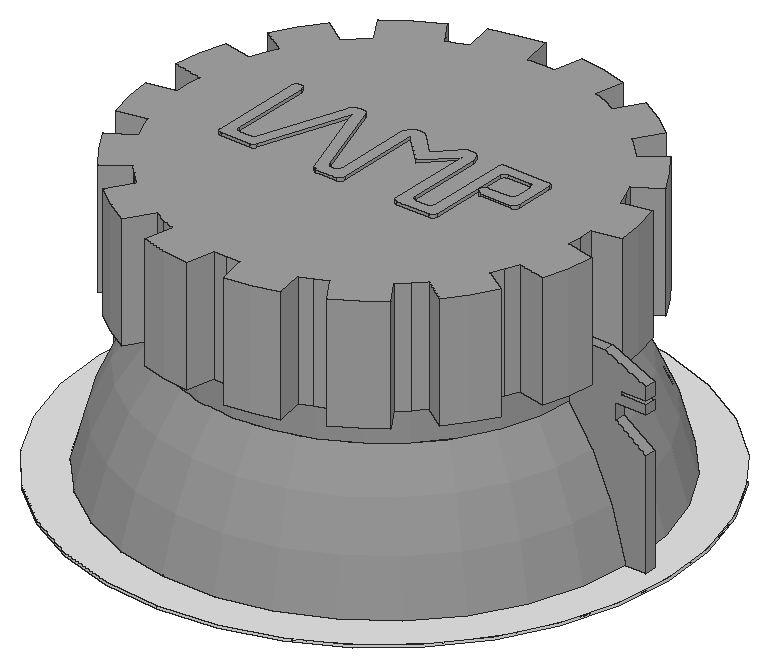
Revit family "LAMP_KOMBIC 200 RD", category Luminarias, Revit 2018
Family settings
  Anfitrión = Techo
  Cota de conector redondo = Diámetro de uso
  Tipo de pieza = Normal
  Número OmniClass = 23.80.70.11
  Título OmniClass = Luminaries for Internal Lighting
  Siempre vertical = Sí
  Corte con vacíos al cargar = No
  Origen de luz = Sí
  Compartido = No
  Punto de cálculo de habitación = No
Parameters (values of type "1982LM 3000 MATT BLANCO")
  Ángulo de inclinación = 90.00°
  Without accessory [instance] = yes
  Weight = 0.976 kg
  Wattage = 18.1 W
  Type = "COB TRIDONIC"
  Transparent glass 860614X [instance] = and(Change accessory, not(Without accessory))  # no
  Recessed diameter = 209 mm
  built-in parameter 1150110 = 1 (stored number, unit not read)
  Protection rating = "IP2044"
  Product datasheet = "http://www.lamp.es/product-files/TECH/K31RD3040OP830NMW-EN.pdf"
  Product code = "K31RD3040OP830NMW"
  Product URL = "https://www.lamp.es/en/family/kombic-downlight_33313"
  Power Supply = "220-240V 50/60Hz"
  Power = 17 W
  Plum = 18.1 W
  Photobiological risk = "Group 0"
  Modelo = Product code  # "K31RD3040OP830NMW"
  Model explanation = "Availability of switching between accessories through visibility parameters when placed in a project."
  Material Reflector = LAMP_PC Reflector Kombic Metalizado Mate
  Material Disipador = LAMP_Aluminio Disipador Kombic
  Material Difusor = LAMP_PMMA Difusor Kombic
  Material Armazón GR = LAMP_PC Armazón Kombic GR
  Material Armazón BL = LAMP_PC Armazón Kombic BL
  Manufacturer name = "LAMP"
  Manufacturer country = "Spain"
  Manufacturer URL = "http://www.lamp.es/en"
  MacAdam = "3"
  Lámpara = "COB LED"
  Luminaire type = ""
  Last update = "22/02/2022"
  LED Lifetime = "50.000 L80 B10"
  Insulation class = "II"
  Installation instructions = "https://www.lamp.es/product-files/packed/INS/33315_Kombic_200.zip"
  IEE = "A+"
  Height = Altura exterior  # 106 mm
  Gear = "Electronic"
  Finish = "RAL9010"
  built-in parameter 1114217 = 1 (stored number, unit not read)
  built-in parameter 1150109 = 1 (stored number, unit not read)
  Fabricante = Manufacturer name  # "LAMP"
  Efficacy = 109.5 lm/W
  Diameter = 220 mm
  Diam. inferior interior = 188 mm
  Diam. exterior cuerpo = 167 mm
  Diam. inferior cuerpo = 220 mm
  Descripción = "KOMBIC 200 RD 3000 IP44 WW OPAL MA/WH"
  Decorative ring 920021X [instance] = and(not(Without accessory), not(Change accessory))  # no
  Comentarios de tipo = Model explanation  # "Availability of switching between accessories through visibility parameters when placed in a project."
  built-in parameter 1150134 = (empty or 0)
  built-in parameter 1150113 = 1 (stored number, unit not read)
  Lumens = 1981.95 lm
  built-in parameter 1150115 = 1 (stored number, unit not read)
  built-in parameter 1150105 = 157.72 (stored number, unit not read)
  built-in parameter 1150137 = (empty or 0)
  built-in parameter 1150139 = (empty or 0)
  built-in parameter 1150112 = 1 (stored number, unit not read)
  built-in parameter 1150114 = 1 (stored number, unit not read)
  built-in parameter 1150132 = 2
  built-in parameter 1150102 = (empty or 0)
  built-in parameter 1150138 = (empty or 0)
  built-in parameter 1150107 = 3000 (stored number, unit not read)
  built-in parameter 1150106 = 1.5772 (stored number, unit not read)
  built-in parameter 1150104 = 10.173 (stored number, unit not read)
  Change accessory [instance] = no
  Dimming Lamp Color Temperature Shift = (empty or 0)
  Color Filter = 16777215
  built-in parameter 1114218 = 1 (stored number, unit not read)
  CRI = "80"
  Archivo de red fotométrica = "K31RD3040OP830NMW.IES"
  Altura exterior = 106 mm
  Altura central = 62 mm
  built-in parameter 1150133 = 10 (stored number, unit not read)
Types (12, lengths in mm): name | Weight | Wattage | Type | Protection rating | Product datasheet | Product code | Power | Plum | Modelo | Material Reflector | Lámpara | LED Lifetime | Efficacy | Descripción | Lumens | built-in parameter 1150105 | built-in parameter 1150107 | built-in parameter 1150106 | built-in parameter 1150104 | Archivo de red fotométrica
  1982LM 3000 MATT BLANCO | 0.976 kg | 18.1 W | "COB TRIDONIC" | "IP2044" | "http://www.lamp.es/product-files/TECH/K31RD3040OP830NMW-EN.pdf" | "K31RD3040OP830NMW" | 17 W | 18.1 W | "K31RD3040OP830NMW" | LAMP_PC Reflector Kombic Metalizado Mate | "COB LED" | "50.000 L80 B10" | 109.5 lm/W | "KOMBIC 200 RD 3000 IP44 WW OPAL MA/WH" | 1981.95 lm | 157.72 (stored number, unit not read) | 3000 (stored number, unit not read) | 1.5772 (stored number, unit not read) | 10.173 (stored number, unit not read) | "K31RD3040OP830NMW.IES"
  2065LM 3000 BRIGHT BLANCO | 0.976 kg | 18.1 W | "MID POWER TRIDONIC" | "IP2044" | "http://www.lamp.es/product-files/TECH/K31RD3040OP830NRW-EN.pdf" | "K31RD3040OP830NRW" | 17 W | 18.1 W | "K31RD3040OP830NRW" | LAMP_PC Reflector Kombic Metalizado Brillante | "MID-POWER LED" | "50.000 L80 B10" | 114.1 lm/W | "KOMBIC 200 RD 3000 IP44 WW BR/WH" | 2065.21 lm | 164.34 (stored number, unit not read) | 3000 (stored number, unit not read) | 1.6434 (stored number, unit not read) | 10.6 (stored number, unit not read) | "K31RD3040OP830NRW.IES"
  2084LM 4000 MATT BLANCO | 0.976 kg | 18.1 W | "COB TRIDONIC" | "IP2044" | "http://www.lamp.es/product-files/TECH/K31RD3040OP840NMW-EN.pdf" | "K31RD3040OP840NMW" | 17 W | 18.1 W | "K31RD3040OP840NMW" | LAMP_PC Reflector Kombic Metalizado Mate | "COB LED" | "50.000 L80 B10" | 115.1 lm/W | "KOMBIC 200 RD 3000 IP44 NW MA/WH" | 2083.31 lm | 165.78 (stored number, unit not read) | 4000 (stored number, unit not read) | 1.6578 (stored number, unit not read) | 10.693 (stored number, unit not read) | "K31RD3040OP840NMW.IES"
  2171LM 4000 BRIGHT BLANCO | 0.976 kg | 18.1 W | "MID POWER TRIDONIC" | "IP2044" | "http://www.lamp.es/product-files/TECH/K31RD3040OP840NRW-EN.pdf" | "K31RD3040OP840NRW" | 17 W | 18.1 W | "K31RD3040OP840NRW" | LAMP_PC Reflector Kombic Metalizado Brillante | "MID-POWER LED" | "50.000 L80 B10" | 119.9 lm/W | "KOMBIC 200 RD 3000 IP44 NW BR/WH" | 2170.19 lm | 172.7 (stored number, unit not read) | 4000 (stored number, unit not read) | 1.727 (stored number, unit not read) | 11.139 (stored number, unit not read) | "K31RD3040OP840NRW.IES"
  2688LM 3000 MATT BLANCO | 0.976 kg | 25.4 W | "COB TRIDONIC" | "IP44" | "http://www.lamp.es/product-files/TECH/K31RD4040OP830NMW-EN.pdf" | "K31RD4040OP830NMW" | 24 W | 25.4 W | "K31RD4040OP830NMW" | LAMP_PC Reflector Kombic Metalizado Mate | "COB LED" | "50.000 L80 B10" | 105.8 lm/W | "KOMBIC 200 RD 4000 IP44 WW OPAL MA/WH" | 2687.32 lm | 213.85 (stored number, unit not read) | 3000 (stored number, unit not read) | 2.1385 (stored number, unit not read) | 9.8291 (stored number, unit not read) | "K31RD4040OP830NMW.IES"
  2800LM 3000 BRIGHT BLANCO | 0.976 kg | 25.4 W | "MID POWER TRIDONIC" | "IP44" | "http://www.lamp.es/product-files/TECH/K31RD4040OP830NRW-EN.pdf" | "K31RD4040OP830NRW" | 24 W | 25.4 W | "K31RD4040OP830NRW" | LAMP_PC Reflector Kombic Metalizado Brillante | "MID-POWER LED" | "50.000 L80 B10" | 110.2 lm/W | "KOMBIC 200 RD 4000 IP44 WW OPAL BR/WH" | 2799.08 lm | 222.74 (stored number, unit not read) | 3000 (stored number, unit not read) | 2.2274 (stored number, unit not read) | 10.238 (stored number, unit not read) | "K31RD4040OP830NRW.IES"
  2826LM 4000 MATT BLANCO | 0.976 kg | 25.4 W | "COB TRIDONIC" | "IP44" | "http://www.lamp.es/product-files/TECH/K31RD4040OP840NMW-EN.pdf" | "K31RD4040OP840NMW" | 24 W | 25.4 W | "K31RD4040OP840NMW" | LAMP_PC Reflector Kombic Metalizado Mate | "COB LED" | "50.000 L80 B10" | 111.3 lm/W | "KOMBIC 200 RD 4000 IP44 NW OPAL MA/WH" | 2827.02 lm | 224.97 (stored number, unit not read) | 4000 (stored number, unit not read) | 2.2497 (stored number, unit not read) | 10.34 (stored number, unit not read) | "K31RD4040OP840NMW.IES"
  2944LM 4000 BRIGHT BLANCO | 0.976 kg | 25.4 W | "MID POWER TRIDONIC" | "IP44" | "http://www.lamp.es/product-files/TECH/K31RD4040OP840NRW-EN.pdf" | "K31RD4040OP840NRW" | 24 W | 25.4 W | "K31RD4040OP840NRW" | LAMP_PC Reflector Kombic Metalizado Brillante | "MID-POWER LED" | "50.000 L80 B10" | 115.9 lm/W | "KOMBIC 200 RD 4000 IP44 NW OPAL BR/WH" | 2943.86 lm | 234.26 (stored number, unit not read) | 4000 (stored number, unit not read) | 2.3426 (stored number, unit not read) | 10.767 (stored number, unit not read) | "K31RD4040OP840NRW.IES"
  3576LM 3000 MATT BLANCO | 1.536 kg | 38.1 W | "COB PHILIPS" | "IP44" | "http://www.lamp.es/product-files/TECH/K31RD5040OP830NMW-EN.pdf" | "K31RD5040OP830NMW" | 36 W | 38.1 W | "K31RD5040OP830NMW" | LAMP_PC Reflector Kombic Metalizado Mate | "COB LED" | "50.000 L70 B10" | 93.9 lm/W | "KOMBIC 200 RD 5000 IP44 WW OPAL MA/WH" | 3577.59 lm | 284.7 (stored number, unit not read) | 3000 (stored number, unit not read) | 2.847 (stored number, unit not read) | 8.7236 (stored number, unit not read) | "K31RD5040OP830NMW.IES"
  3735LM 3000 BRIGHT BLANCO | 1.536 kg | 38.1 W | "COB PHILIPS" | "IP44" | "http://www.lamp.es/product-files/TECH/K31RD5040OP830NRW-EN.pdf" | "K31RD5040OP830NRW" | 36 W | 38.1 W | "K31RD5040OP830NRW" | LAMP_PC Reflector Kombic Metalizado Brillante | "COB LED" | "50.000 L70 B10" | 98 lm/W | "KOMBIC 200 RD 5000 IP44 WW OPAL BR/WH" | 3733.8 lm | 297.13 (stored number, unit not read) | 3000 (stored number, unit not read) | 2.9713 (stored number, unit not read) | 9.1045 (stored number, unit not read) | "K31RD5040OP830NRW.IES"
  3845LM 4000 MATT BLANCO | 1.536 kg | 38.1 W | "COB PHILIPS" | "IP44" | "http://www.lamp.es/product-files/TECH/K31RD5040OP840NMW-EN.pdf" | "K31RD5040OP840NMW" | 36 W | 38.1 W | "K31RD5040OP840NMW" | LAMP_PC Reflector Kombic Metalizado Mate | "COB LED" | "50.000 L70 B10" | 100.9 lm/W | "KOMBIC 200 RD 5000 IP44 NW OPAL MA/WH" | 3844.29 lm | 305.92 (stored number, unit not read) | 4000 (stored number, unit not read) | 3.0592 (stored number, unit not read) | 9.3739 (stored number, unit not read) | "K31RD5040OP840NMW.IES"
  4016LM 4000 BRIGHT BLANCO | 1.536 kg | 38.1 W | "COB PHILIPS" | "IP44" | "http://www.lamp.es/product-files/TECH/K31RD5040OP840NRW-EN.pdf" | "K31RD5040OP840NRW" | 36 W | 38.1 W | "K31RD5040OP840NRW" | LAMP_PC Reflector Kombic Metalizado Brillante | "COB LED" | "50.000 L70 B10" | 105.4 lm/W | "KOMBIC 200 RD 5000 IP44 NW OPAL BR/WH" | 4015.74 lm | 319.56 (stored number, unit not read) | 4000 (stored number, unit not read) | 3.1956 (stored number, unit not read) | 9.792 (stored number, unit not read) | "K31RD5040OP840NRW.IES"
Reference planes
  plane 1 "Eje de origen de luz (F/P)": y = 0
  plane 2: z = 0
  plane 3 "Eje de origen de luz (I/D)": x = 0
  plane 4 "Techo": z = 4000
  plane 5 "Elevación de origen de luz": z = 4000
  plane 6: x = -83.5
  plane 7: x = 83.5
  plane 8: x = -110
  plane 9: x = 110
  plane 10: z = 4106
  plane 11: x = -94
  plane 12: x = 94
  plane 13: z = 4062
Forms (mm)
  Revolve 1, solid, material "LAMP_PC Armazón Kombic GR" <- "Material Armazón GR"
    sketch origin (0, 0, 0) x (1, 0, 0) y (0, 0, 1)
      loop
        line (-72, 4049) -> (-72, 4062) -> (-73, 4062) -> (-73, 4049)
        spline (-73, 4049) -> (-75.501, 4045.862) -> (-77.88, 4042.551) -> (-80.138, 4039.069) -> (-82.275, 4035.416) -> (-84.29, 4031.59) -> (-86.184, 4027.593) -> (-87.957, 4023.423) -> (-89.608, 4019.082) -> (-91.138, 4014.569) -> (-92.547, 4009.885) -> (-93.834, 4005.028) -> (-95, 4000)
        line (-95, 4000) -> (-94, 4000)
        spline (-94, 4000) -> (-92.834, 4005.028) -> (-91.547, 4009.885) -> (-90.138, 4014.569) -> (-88.608, 4019.082) -> (-86.957, 4023.423) -> (-85.184, 4027.593) -> (-83.29, 4031.59) -> (-81.275, 4035.416) -> (-79.138, 4039.069) -> (-76.88, 4042.551) -> (-74.501, 4045.862) -> (-72, 4049)
      axis (0, 4000) -> (0, 4062)
    angle from 0 to 360
  Extrusion 2, solid, material "LAMP_Aluminio Disipador Kombic" <- "Material Disipador"
    sketch origin (0, 0, 4000) x (0, 1, 0) y (-1, 0, 0)
      loop
        arc (26.177, 82.235) -> (16.747, 84.685) -> (7.101, 86.059) r 86.568
        line (7.101, 86.059) -> (4.972, 75.435)
        arc (4.972, 75.435) -> (2.36, 75.57) -> (-0.256, 75.616) r 75.811
        arc (-0.256, 75.616) -> (-2.881, 75.571) -> (-5.504, 75.435) r 75.811
        line (-5.504, 75.435) -> (-7.633, 86.059)
        arc (-7.633, 86.059) -> (-17.279, 84.685) -> (-26.709, 82.235) r 86.568
        line (-26.709, 82.235) -> (-24.58, 71.611)
        arc (-24.58, 71.611) -> (-26.978, 70.754) -> (-29.346, 69.817) r 75.811
        arc (-29.346, 69.817) -> (-31.681, 68.8) -> (-33.981, 67.706) r 75.811
        line (-33.981, 67.706) -> (-40.005, 76.713)
        arc (-40.005, 76.713) -> (-48.396, 71.76) -> (-56.176, 65.896) r 86.568
        line (-56.176, 65.896) -> (-50.152, 56.89)
        arc (-50.152, 56.89) -> (-52.092, 55.134) -> (-53.97, 53.314) r 75.811
        arc (-53.97, 53.314) -> (-55.791, 51.436) -> (-57.546, 49.496) r 75.811
        line (-57.546, 49.496) -> (-66.552, 55.52)
        arc (-66.552, 55.52) -> (-72.416, 47.739) -> (-77.369, 39.349) r 86.568
        line (-77.369, 39.349) -> (-68.362, 33.325)
        arc (-68.362, 33.325) -> (-69.457, 31.025) -> (-70.473, 28.69) r 75.811
        arc (-70.473, 28.69) -> (-71.41, 26.322) -> (-72.267, 23.923) r 75.811
        line (-72.267, 23.923) -> (-82.892, 26.053)
        arc (-82.892, 26.053) -> (-85.341, 16.623) -> (-86.715, 6.977) r 86.568
        line (-86.715, 6.977) -> (-76.091, 4.847)
        arc (-76.091, 4.847) -> (-76.223, 2.328) -> (-76.272, -0.195) r 75.811
        arc (-76.272, -0.195) -> (-76.223, -2.718) -> (-76.091, -5.238) r 75.811
        line (-76.091, -5.238) -> (-86.715, -7.367)
        arc (-86.715, -7.367) -> (-85.341, -17.013) -> (-82.892, -26.443) r 86.568
        line (-82.892, -26.443) -> (-72.267, -24.314)
        arc (-72.267, -24.314) -> (-71.41, -26.712) -> (-70.473, -29.08) r 75.811
        arc (-70.473, -29.08) -> (-69.457, -31.415) -> (-68.362, -33.715) r 75.811
        line (-68.362, -33.715) -> (-77.369, -39.739)
        arc (-77.369, -39.739) -> (-72.416, -48.13) -> (-66.552, -55.911) r 86.568
        line (-66.552, -55.911) -> (-57.546, -49.886)
        arc (-57.546, -49.886) -> (-55.791, -51.826) -> (-53.97, -53.704) r 75.811
        arc (-53.97, -53.704) -> (-52.092, -55.525) -> (-50.152, -57.28) r 75.811
        line (-50.152, -57.28) -> (-56.176, -66.286)
        arc (-56.176, -66.286) -> (-48.396, -72.15) -> (-40.005, -77.103) r 86.568
        line (-40.005, -77.103) -> (-33.981, -68.097)
        arc (-33.981, -68.097) -> (-31.681, -69.191) -> (-29.346, -70.207) r 75.811
        arc (-29.346, -70.207) -> (-26.978, -71.144) -> (-24.58, -72.002) r 75.811
        line (-24.58, -72.002) -> (-26.709, -82.626)
        arc (-26.709, -82.626) -> (-17.279, -85.075) -> (-7.633, -86.449) r 86.568
        line (-7.633, -86.449) -> (-5.504, -75.825)
        arc (-5.504, -75.825) -> (-2.881, -75.961) -> (-0.256, -76.006) r 75.811
        arc (-0.256, -76.006) -> (2.36, -75.961) -> (4.972, -75.825) r 75.811
        line (4.972, -75.825) -> (7.101, -86.449)
        arc (7.101, -86.449) -> (16.747, -85.075) -> (26.177, -82.626) r 86.568
        line (26.177, -82.626) -> (24.048, -72.002)
        arc (24.048, -72.002) -> (26.446, -71.144) -> (28.814, -70.207) r 75.811
        arc (28.814, -70.207) -> (31.149, -69.191) -> (33.449, -68.097) r 75.811
        line (33.449, -68.097) -> (39.474, -77.103)
        arc (39.474, -77.103) -> (47.864, -72.15) -> (55.645, -66.286) r 86.568
        line (55.645, -66.286) -> (49.62, -57.28)
        arc (49.62, -57.28) -> (51.56, -55.525) -> (53.438, -53.704) r 75.811
        arc (53.438, -53.704) -> (55.259, -51.826) -> (57.014, -49.886) r 75.811
        line (57.014, -49.886) -> (66.021, -55.911)
        arc (66.021, -55.911) -> (71.885, -48.13) -> (76.837, -39.739) r 86.568
        line (76.837, -39.739) -> (67.831, -33.715)
        arc (67.831, -33.715) -> (68.925, -31.415) -> (69.941, -29.08) r 75.811
        arc (69.941, -29.08) -> (70.878, -26.712) -> (71.736, -24.314) r 75.811
        line (71.736, -24.314) -> (82.36, -26.443)
        arc (82.36, -26.443) -> (84.809, -17.013) -> (86.183, -7.367) r 86.568
        line (86.183, -7.367) -> (75.559, -5.238)
        arc (75.559, -5.238) -> (75.692, -2.718) -> (75.74, -0.195) r 75.811
        arc (75.74, -0.195) -> (75.692, 2.328) -> (75.559, 4.847) r 75.811
        line (75.559, 4.847) -> (86.626, 7.066)
        arc (86.626, 7.066) -> (85.118, 16.692) -> (82.538, 26.088) r 86.568
        line (82.538, 26.088) -> (71.736, 23.923)
        arc (71.736, 23.923) -> (70.878, 26.322) -> (69.941, 28.69) r 75.811
        arc (69.941, 28.69) -> (69.311, 30.163) -> (68.649, 31.623) r 75.811
        line (68.649, 31.623) -> (77.684, 37.666)
        arc (77.684, 37.666) -> (72.404, 46.954) -> (66.021, 55.52) r 86.568
        line (66.021, 55.52) -> (57.014, 49.496)
        arc (57.014, 49.496) -> (55.259, 51.436) -> (53.438, 53.314) r 75.811
        arc (53.438, 53.314) -> (51.56, 55.134) -> (49.62, 56.89) r 75.811
        line (49.62, 56.89) -> (55.645, 65.896)
        arc (55.645, 65.896) -> (47.864, 71.76) -> (39.474, 76.713) r 86.568
        line (39.474, 76.713) -> (33.449, 67.706)
        arc (33.449, 67.706) -> (31.149, 68.8) -> (28.814, 69.817) r 75.811
        arc (28.814, 69.817) -> (26.446, 70.754) -> (24.048, 71.611) r 75.811
        line (24.048, 71.611) -> (26.177, 82.235)
    from 62 to 106
  Extrusion 3, solid, material "LAMP_PC Armazón Kombic BL" <- "Material Armazón BL"
    sketch origin (0, 0, 4000) x (0, 1, 0) y (-1, 0, 0)
      loop
        circle (0, 0) r 110
      loop
        circle (0, 0) r 94
    from 0 to -1
  Revolve 4, solid, material "LAMP_PC Reflector Kombic Metalizado Mate" <- "Material Reflector"
    sketch origin (0, 0, 0) x (1, 0, 0) y (0, 0, 1)
      loop
        line (-62.5, 4049) -> (-63.5, 4049) -> (-95, 4000) -> (-94, 4000) -> (-62.5, 4049)
      axis (0, 4000) -> (0, 4049)
    angle from 0 to 360
  Extrusion 5, solid, material "LAMP_PMMA Difusor Kombic" <- "Material Difusor"
    sketch origin (0, 0, 4000) x (0, 1, 0) y (-1, 0, 0)
      loop
        circle (0, 0) r 63.5
    from 49 to 50
  Extrusion 6, solid, material "LAMP_PC Armazón Kombic GR" <- "Material Armazón GR"
    sketch origin (0, 0, 0) x (1, 0, 0) y (0, 0, 1)
      loop
        spline (-95, 4000) -> (-93.834, 4005.028) -> (-92.547, 4009.885) -> (-91.138, 4014.569) -> (-89.608, 4019.082) -> (-87.957, 4023.423) -> (-86.184, 4027.593) -> (-84.29, 4031.59) -> (-82.275, 4035.416) -> (-80.138, 4039.069) -> (-77.88, 4042.551) -> (-75.501, 4045.862) -> (-73, 4049)
        line (-73, 4049) -> (-73, 4071.68) -> (-86.812, 4071.68) -> (-102.735, 4064.402) -> (-102.735, 4059.601) -> (-93.235, 4059.601) -> (-93.235, 4058.301) -> (-102.735, 4058.301) -> (-102.735, 4054.792) -> (-91.033, 4054.792) -> (-91.033, 4048.875) -> (-102.735, 4040.624) -> (-102.735, 4000) -> (-95, 4000)
    from -2 to 2
  Extrusion 7, solid, material "LAMP_PC Armazón Kombic GR" <- "Material Armazón GR"
    sketch origin (0, 0, 0) x (-1, 0, 0) y (0, 0, -1)
      loop
        line (-95, -4000) -> (-102.735, -4000) -> (-102.735, -4040.624) -> (-91.033, -4048.875) -> (-91.033, -4054.792) -> (-102.735, -4054.792) -> (-102.735, -4058.301) -> (-93.235, -4058.301) -> (-93.235, -4059.601) -> (-102.735, -4059.601) -> (-102.735, -4064.402) -> (-86.812, -4071.68) -> (-73, -4071.68) -> (-73, -4049)
        spline (-73, -4049) -> (-75.501, -4045.862) -> (-77.88, -4042.551) -> (-80.138, -4039.069) -> (-82.275, -4035.416) -> (-84.29, -4031.59) -> (-86.184, -4027.593) -> (-87.957, -4023.423) -> (-89.608, -4019.082) -> (-91.138, -4014.569) -> (-92.547, -4009.885) -> (-93.834, -4005.028) -> (-95, -4000)
    from -2 to 2
  Extrusion 8, solid, material "LAMP_Aluminio Disipador Kombic" <- "Material Disipador"
    sketch origin (0, 0, 4000) x (0, 1, 0) y (-1, 0, 0)
      loop
        arc (-17.07, 49.616) -> (-18.349, 49.086) -> (-18.878, 47.807) r 1.808
        line (-18.878, 47.807) -> (-18.878, 36.794)
        arc (-18.878, 36.794) -> (-18.529, 35.702) -> (-17.61, 35.017) r 1.88
        line (-17.61, 35.017) -> (14.401, 24.002) -> (-17.435, 13.048)
        arc (-17.435, 13.048) -> (-18.297, 12.404) -> (-18.625, 11.38) r 1.764
        line (-18.625, 11.38) -> (-18.625, 3.447)
        arc (-18.625, 3.447) -> (-18.108, 2.197) -> (-16.858, 1.68) r 1.768
        line (-16.858, 1.68) -> (14.603, 1.68) -> (4.643, -8.28) -> (14.603, -18.24) -> (-17.162, -18.24)
        arc (-17.162, -18.24) -> (-18.376, -18.743) -> (-18.878, -19.956) r 1.717
        line (-18.878, -19.956) -> (-18.878, -32.273)
        arc (-18.878, -32.273) -> (-18.334, -33.587) -> (-17.02, -34.131) r 1.858
        line (-17.02, -34.131) -> (13.062, -34.131)
        arc (13.062, -34.131) -> (14.332, -34.657) -> (14.858, -35.927) r 1.796
        line (14.858, -35.927) -> (14.858, -44.282)
        arc (14.858, -44.282) -> (14.316, -45.589) -> (13.008, -46.131) r 1.849
        line (13.008, -46.131) -> (6.695, -46.131)
        arc (6.695, -46.131) -> (5.396, -45.593) -> (4.858, -44.293) r 1.838
        line (4.858, -44.293) -> (4.858, -36.6)
        arc (4.858, -36.6) -> (2.858, -34.6) -> (0.858, -36.6) r 2
        line (0.858, -36.6) -> (0.858, -48.338)
        arc (0.858, -48.338) -> (1.383, -49.606) -> (2.651, -50.131) r 1.793
        line (2.651, -50.131) -> (16.976, -50.131)
        arc (16.976, -50.131) -> (18.306, -49.58) -> (18.858, -48.249) r 1.882
        line (18.858, -48.249) -> (18.858, -31.989)
        arc (18.858, -31.989) -> (18.313, -30.675) -> (16.999, -30.131) r 1.858
        line (16.999, -30.131) -> (-13.071, -30.131)
        arc (-13.071, -30.131) -> (-14.385, -29.587) -> (-14.93, -28.272) r 1.859
        line (-14.93, -28.272) -> (-14.93, -24.158)
        arc (-14.93, -24.158) -> (-14.388, -22.851) -> (-13.081, -22.309) r 1.849
        line (-13.081, -22.309) -> (15.175, -22.309)
        arc (15.175, -22.309) -> (19.208, -19.408) -> (17.738, -14.662) r 4.253
        line (17.738, -14.662) -> (11.356, -8.28) -> (17.738, -1.898)
        arc (17.738, -1.898) -> (19.208, 2.848) -> (15.175, 5.749) r 4.253
        line (15.175, 5.749) -> (-12.629, 5.749)
        arc (-12.629, 5.749) -> (-14.893, 7.666) -> (-13.376, 10.214) r 2.295
        line (-13.376, 10.214) -> (16.302, 20.421)
        arc (16.302, 20.421) -> (18.858, 24.002) -> (16.302, 27.584) r 3.788
        line (16.302, 27.584) -> (-13.672, 37.892)
        arc (-13.672, 37.892) -> (-14.583, 38.572) -> (-14.93, 39.655) r 1.864
        line (-14.93, 39.655) -> (-14.93, 43.839)
        arc (-14.93, 43.839) -> (-14.409, 45.095) -> (-13.153, 45.616) r 1.777
        line (-13.153, 45.616) -> (17.07, 45.616)
        arc (17.07, 45.616) -> (19.07, 47.616) -> (17.07, 49.616) r 2
        line (17.07, 49.616) -> (-17.07, 49.616)
    from 107 to 106
  Revolve 9, void
    sketch origin (0, 0, 0) x (1, 0, 0) y (0, 0, 1)
      loop
        line (95, 4000) -> (63.5, 4049) -> (63.5, 4050) -> (0, 4050) -> (0, 3999) -> (95, 3999) -> (95, 4000)
      axis (0, 3999) -> (0, 4050)
    angle from 0 to 360
Cuts and joins
  Revolve 9 cuts Revolve 1
  Revolve 9 cuts Extrusion 3
Text (mm)
  text "Any modification of the parameters and properties of the LAMP BIM models must be executed and validated by the LAMP technical department.\nPhone: +34 93 736 68 00\nE-mail: lamp@lamp.es\n\nLAMP reserves the right to modify the technical specifications of its products." at (304.005, 3121.545, 3275.502), in view "Preview"
Dimensions and locks
  equal spacing: host sketch curve, plane 3 "Eje de origen de luz (I/D)", host sketch curve
  equal spacing: host sketch curve, plane 1 "Eje de origen de luz (F/P)", host sketch curve
  host sketch curve to host sketch curve = 4000 mm  (x2)
  locked: plane 4 "Techo" to host ceiling at 0
  equal spacing: plane 6, plane 3 "Eje de origen de luz (I/D)", plane 7, locked at 83.5 each
  "Diam. exterior cuerpo": plane 6 to plane 7
  equal spacing: plane 8, plane 3 "Eje de origen de luz (I/D)", plane 9, locked at 110 each
  "Diam. inferior cuerpo": plane 8 to plane 9
  "Altura exterior": plane 4 "Techo" to plane 10
  equal spacing: plane 11, plane 3 "Eje de origen de luz (I/D)", plane 12
  "Diam. inferior interior": plane 11 to plane 12
  "Altura central": plane 4 "Techo" to plane 13
  aligned and locked: plane 3 "Eje de origen de luz (I/D)" to imposter light
  aligned and locked: plane 1 "Eje de origen de luz (F/P)" to imposter light
  aligned and locked: plane 5 "Elevación de origen de luz" to imposter light
  aligned and locked: plane 3 "Eje de origen de luz (I/D)" to Revolve 1 sketch curve
  aligned and locked: plane 10 to Extrusion 2
  aligned and locked: Extrusion 2 to plane 13
  aligned and locked: plane 4 "Techo" to Revolve 1
  aligned and locked: plane 3 "Eje de origen de luz (I/D)" to Revolve 4 sketch curve
  aligned and locked: Extrusion 7 to Extrusion 3
  aligned and locked: plane 4 "Techo" to Extrusion 6
  aligned and locked: Extrusion 8 to plane 10
  aligned and locked: Extrusion 8 to Extrusion 2
  aligned and locked: imposter light to plane 4 "Techo"
  aligned and locked: nested 1 to Revolve 4
  aligned and locked: nested 2 to Revolve 4
Automatic sketch dimensions
  Revolve 1 sketch curve to plane 4 "Techo" = 0 mm
  Revolve 1 sketch curve to plane 11 = 0 mm
  Revolve 1 sketch curve to plane 13 = 0 mm
  Revolve 1 sketch curve to plane 11 = 1 mm
  plane 6 to Revolve 1 sketch curve = 10.5 mm
  Revolve 1 sketch curve to Revolve 1 sketch curve = 1 mm
  Revolve 1 sketch curve to Revolve 1 sketch curve = 13 mm
  Revolve 1 sketch curve to Revolve 1 sketch curve = 0 mm
  Revolve 1 sketch curve to level = 358.228 mm
  plane 10 to Revolve 1 sketch curve = 256.185 mm
  Extrusion 2 sketch curve to Extrusion 2 sketch curve = 0 mm  (x665)
  Extrusion 2 sketch curve to plane 3 "Eje de origen de luz (I/D)" = 0 mm  (x2)
  Extrusion 2 sketch curve to plane 3 "Eje de origen de luz (I/D)" = 6.977 mm
  plane 1 "Eje de origen de luz (F/P)" to Extrusion 2 sketch curve = 86.715 mm
  plane 3 "Eje de origen de luz (I/D)" to Extrusion 2 sketch curve = 7.367 mm  (x2)
  plane 3 "Eje de origen de luz (I/D)" to Extrusion 2 sketch curve = 26.443 mm  (x2)
  Extrusion 2 sketch curve to Extrusion 2 sketch curve = 3.823 mm  (x3)
  Extrusion 2 sketch curve to plane 3 "Eje de origen de luz (I/D)" = 26.053 mm
  Extrusion 2 sketch curve to Extrusion 2 sketch curve = 5.523 mm  (x2)
  Extrusion 2 sketch curve to plane 3 "Eje de origen de luz (I/D)" = 4.847 mm  (x2)
  Extrusion 2 sketch curve to Extrusion 2 sketch curve = 10.624 mm  (x4)
  plane 3 "Eje de origen de luz (I/D)" to Extrusion 2 sketch curve = 5.238 mm  (x2)
  plane 3 "Eje de origen de luz (I/D)" to Extrusion 2 sketch curve = 24.314 mm  (x2)
  Extrusion 2 sketch curve to plane 3 "Eje de origen de luz (I/D)" = 23.923 mm  (x2)
  plane 3 "Eje de origen de luz (I/D)" to Extrusion 2 sketch curve = 33.715 mm  (x2)
  Extrusion 2 sketch curve to plane 3 "Eje de origen de luz (I/D)" = 33.325 mm
  Extrusion 2 sketch curve to Extrusion 2 sketch curve = 3.905 mm
  plane 6 to Extrusion 2 sketch curve = 27.98 mm  (x2)
  Extrusion 2 sketch curve to Extrusion 2 sketch curve = 10.817 mm  (x3)
  plane 7 to Extrusion 2 sketch curve = 27.589 mm  (x2)
  Extrusion 2 sketch curve to Extrusion 2 sketch curve = 9.007 mm  (x5)
  plane 7 to Extrusion 2 sketch curve = 17.214 mm  (x2)
  Extrusion 2 sketch curve to Extrusion 2 sketch curve = 10.376 mm  (x2)
  plane 6 to Extrusion 2 sketch curve = 17.604 mm  (x2)
  plane 6 to Extrusion 2 sketch curve = 26.61 mm  (x2)
  Extrusion 2 sketch curve to Extrusion 2 sketch curve = 7.394 mm  (x7)
  plane 7 to Extrusion 2 sketch curve = 26.22 mm
  plane 7 to Extrusion 2 sketch curve = 6.397 mm  (x2)
  Extrusion 2 sketch curve to Extrusion 2 sketch curve = 16.171 mm  (x4)
  plane 6 to Extrusion 2 sketch curve = 6.787 mm  (x2)
  plane 6 to Extrusion 2 sketch curve = 15.794 mm  (x2)
  Extrusion 2 sketch curve to Extrusion 2 sketch curve = 6.024 mm  (x4)
  plane 7 to Extrusion 2 sketch curve = 15.403 mm  (x2)
  plane 6 to Extrusion 2 sketch curve = 1.265 mm  (x2)
  Extrusion 2 sketch curve to Extrusion 2 sketch curve = 13.296 mm  (x2)
  plane 7 to Extrusion 2 sketch curve = 0.874 mm  (x2)
  plane 7 to Extrusion 2 sketch curve = 11.498 mm  (x2)
  plane 6 to Extrusion 2 sketch curve = 11.889 mm  (x2)
  Extrusion 2 sketch curve to plane 7 = 2.949 mm  (x2)
  Extrusion 2 sketch curve to plane 6 = 2.559 mm  (x2)
  plane 1 "Eje de origen de luz (F/P)" to Extrusion 2 sketch curve = 5.504 mm  (x2)
  plane 1 "Eje de origen de luz (F/P)" to Extrusion 2 sketch curve = 0.071 mm  (x2)
  Extrusion 2 sketch curve to plane 1 "Eje de origen de luz (F/P)" = 0.483 mm
  Extrusion 2 sketch curve to plane 1 "Eje de origen de luz (F/P)" = 4.972 mm  (x2)
  Extrusion 2 sketch curve to plane 1 "Eje de origen de luz (F/P)" = 7.101 mm  (x2)
  Extrusion 2 sketch curve to Extrusion 2 sketch curve = 19.076 mm  (x2)
  plane 6 to Extrusion 2 sketch curve = 34.004 mm
  Extrusion 2 sketch curve to plane 3 "Eje de origen de luz (I/D)" = 31.623 mm
  Extrusion 2 sketch curve to Extrusion 2 sketch curve = 11.635 mm
  Extrusion 2 sketch curve to Extrusion 2 sketch curve = 3.086 mm
  plane 3 "Eje de origen de luz (I/D)" to Extrusion 2 sketch curve = 39.739 mm
  Extrusion 2 sketch curve to plane 3 "Eje de origen de luz (I/D)" = 37.666 mm
  Extrusion 2 sketch curve to plane 3 "Eje de origen de luz (I/D)" = 26.088 mm
  Extrusion 2 sketch curve to Extrusion 2 sketch curve = 10.802 mm
  Extrusion 2 sketch curve to plane 3 "Eje de origen de luz (I/D)" = 7.066 mm
  Extrusion 2 sketch curve to Extrusion 2 sketch curve = 11.067 mm
  plane 7 to Extrusion 2 sketch curve = 7.675 mm
  plane 6 to Extrusion 2 sketch curve = 8.065 mm
  Extrusion 2 sketch curve to Extrusion 2 sketch curve = 1.794 mm  (x2)
  Extrusion 2 sketch curve to Extrusion 2 sketch curve = 2.11 mm
  Extrusion 2 sketch curve to Extrusion 2 sketch curve = 4.635 mm  (x4)
  plane 1 "Eje de origen de luz (F/P)" to Extrusion 2 sketch curve = 0.256 mm  (x2)
  Extrusion 2 sketch curve to Extrusion 2 sketch curve = 1.292 mm
  Extrusion 3 sketch curve to Extrusion 3 sketch curve = 0 mm  (x2)
  plane 1 "Eje de origen de luz (F/P)" to Extrusion 3 sketch curve = 0 mm
  Extrusion 3 sketch curve to plane 3 "Eje de origen de luz (I/D)" = 0 mm
  Revolve 4 sketch curve to plane 4 "Techo" = 0 mm
  Revolve 4 sketch curve to plane 11 = 0 mm
  Revolve 4 sketch curve to Revolve 4 sketch curve = 1 mm  (x2)
  plane 6 to Revolve 4 sketch curve = 20 mm
  Revolve 4 sketch curve to plane 13 = 13 mm
  Revolve 4 sketch curve to level = 358.228 mm
  plane 10 to Revolve 4 sketch curve = 256.185 mm
  plane 1 "Eje de origen de luz (F/P)" to Extrusion 5 sketch curve = 0 mm
  Extrusion 5 sketch curve to plane 3 "Eje de origen de luz (I/D)" = 0 mm
  Extrusion 6 sketch curve to plane 4 "Techo" = 0 mm
  plane 8 to Extrusion 6 sketch curve = 7.265 mm  (x2)
  plane 13 to Extrusion 6 sketch curve = 2.402 mm
  Extrusion 6 sketch curve to Extrusion 6 sketch curve = 0 mm
  Extrusion 6 sketch curve to plane 11 = 1 mm
  plane 11 to Extrusion 6 sketch curve = 0.765 mm
  plane 11 to Extrusion 6 sketch curve = 2.967 mm
  Extrusion 6 sketch curve to plane 6 = 3.312 mm
  plane 6 to Extrusion 6 sketch curve = 10.5 mm
  Extrusion 6 sketch curve to plane 13 = 21.376 mm
  Extrusion 6 sketch curve to plane 13 = 13.125 mm
  Extrusion 6 sketch curve to plane 13 = 13 mm
  Extrusion 6 sketch curve to Extrusion 6 sketch curve = 5.917 mm
  Extrusion 6 sketch curve to Extrusion 6 sketch curve = 3.509 mm
  Extrusion 6 sketch curve to Extrusion 6 sketch curve = 1.3 mm
  plane 13 to Extrusion 6 sketch curve = 9.68 mm
  Extrusion 7 sketch curve to plane 4 "Techo" = 0 mm
  Extrusion 7 sketch curve to plane 9 = 7.265 mm  (x2)
  Extrusion 7 sketch curve to plane 13 = 2.402 mm
  Extrusion 7 sketch curve to Extrusion 7 sketch curve = 0 mm
  plane 12 to Extrusion 7 sketch curve = 1 mm
  Extrusion 7 sketch curve to plane 12 = 0.765 mm
  Extrusion 7 sketch curve to plane 12 = 2.967 mm
  plane 7 to Extrusion 7 sketch curve = 3.312 mm
  Extrusion 7 sketch curve to plane 7 = 10.5 mm
  plane 13 to Extrusion 7 sketch curve = 21.376 mm
  plane 13 to Extrusion 7 sketch curve = 13.125 mm
  plane 13 to Extrusion 7 sketch curve = 13 mm
  Extrusion 7 sketch curve to Extrusion 7 sketch curve = 5.917 mm
  Extrusion 7 sketch curve to Extrusion 7 sketch curve = 3.509 mm
  Extrusion 7 sketch curve to Extrusion 7 sketch curve = 1.3 mm
  Extrusion 7 sketch curve to plane 13 = 9.68 mm
  plane 1 "Eje de origen de luz (F/P)" to Extrusion 8 sketch curve = 18.878 mm  (x2)
  Extrusion 8 sketch curve to plane 3 "Eje de origen de luz (I/D)" = 3.447 mm
  plane 1 "Eje de origen de luz (F/P)" to Extrusion 8 sketch curve = 18.625 mm
  Extrusion 8 sketch curve to Extrusion 8 sketch curve = 1.268 mm
  Extrusion 8 sketch curve to Extrusion 8 sketch curve = 1.19 mm
  Extrusion 8 sketch curve to Extrusion 8 sketch curve = 1.717 mm
  Extrusion 8 sketch curve to Extrusion 8 sketch curve = 1.808 mm
  Extrusion 8 sketch curve to Extrusion 8 sketch curve = 1.858 mm
  Extrusion 8 sketch curve to Extrusion 8 sketch curve = 1.88 mm
  Extrusion 8 sketch curve to Extrusion 8 sketch curve = 0.574 mm
  Extrusion 8 sketch curve to plane 3 "Eje de origen de luz (I/D)" = 1.68 mm
  Extrusion 8 sketch curve to Extrusion 8 sketch curve = 2.232 mm
  Extrusion 8 sketch curve to Extrusion 8 sketch curve = 2.14 mm
  Extrusion 8 sketch curve to Extrusion 8 sketch curve = 1.258 mm
  Extrusion 8 sketch curve to Extrusion 8 sketch curve = 3.485 mm
  Extrusion 8 sketch curve to Extrusion 8 sketch curve = 1.777 mm
  Extrusion 8 sketch curve to Extrusion 8 sketch curve = 1.849 mm  (x2)
  Extrusion 8 sketch curve to Extrusion 8 sketch curve = 1.859 mm
  Extrusion 8 sketch curve to Extrusion 8 sketch curve = 1.864 mm
  Extrusion 8 sketch curve to Extrusion 8 sketch curve = 0.746 mm
  Extrusion 8 sketch curve to plane 1 "Eje de origen de luz (F/P)" = 0.858 mm
  Extrusion 8 sketch curve to Extrusion 8 sketch curve = 1.793 mm
  Extrusion 8 sketch curve to Extrusion 8 sketch curve = 2 mm  (x2)
  Extrusion 8 sketch curve to plane 1 "Eje de origen de luz (F/P)" = 4.643 mm
  Extrusion 8 sketch curve to Extrusion 8 sketch curve = 1.838 mm
  Extrusion 8 sketch curve to Extrusion 8 sketch curve = 6.713 mm
  Extrusion 8 sketch curve to Extrusion 8 sketch curve = 6.313 mm
  Extrusion 8 sketch curve to Extrusion 8 sketch curve = 8.204 mm
  Extrusion 8 sketch curve to plane 1 "Eje de origen de luz (F/P)" = 14.401 mm
  Extrusion 8 sketch curve to Extrusion 8 sketch curve = 3.246 mm  (x2)
  Extrusion 8 sketch curve to Extrusion 8 sketch curve = 0.669 mm
  Extrusion 8 sketch curve to Extrusion 8 sketch curve = 0.572 mm  (x2)
  Extrusion 8 sketch curve to Extrusion 8 sketch curve = 1.232 mm  (x2)
  Extrusion 8 sketch curve to Extrusion 8 sketch curve = 3.968 mm
  Extrusion 8 sketch curve to Extrusion 8 sketch curve = 2.142 mm  (x2)
  Extrusion 8 sketch curve to plane 1 "Eje de origen de luz (F/P)" = 17.07 mm
  Extrusion 8 sketch curve to Extrusion 8 sketch curve = 2.563 mm  (x2)
  plane 3 "Eje de origen de luz (I/D)" to Extrusion 8 sketch curve = 1.898 mm
  Extrusion 8 sketch curve to Extrusion 8 sketch curve = 1.882 mm
  Extrusion 8 sketch curve to Extrusion 8 sketch curve = 4.07 mm
  Extrusion 8 sketch curve to Extrusion 8 sketch curve = 4.114 mm
  Extrusion 8 sketch curve to Extrusion 8 sketch curve = 0.673 mm
  Extrusion 8 sketch curve to Extrusion 8 sketch curve = 8.355 mm
  Extrusion 8 sketch curve to Extrusion 8 sketch curve = 2.118 mm
  plane 3 "Eje de origen de luz (I/D)" to Extrusion 8 sketch curve = 8.28 mm
  Extrusion 8 sketch curve to Extrusion 8 sketch curve = 0 mm  (x2)
  Extrusion 8 sketch curve to Extrusion 8 sketch curve = 0.184 mm
  Extrusion 8 sketch curve to Extrusion 8 sketch curve = 2.295 mm
  Extrusion 8 sketch curve to Extrusion 8 sketch curve = 1.166 mm
  Extrusion 8 sketch curve to Extrusion 8 sketch curve = 14.671 mm
  Extrusion 8 sketch curve to Extrusion 8 sketch curve = 3.582 mm
  Extrusion 8 sketch curve to Extrusion 8 sketch curve = 21.969 mm
  Extrusion 8 sketch curve to Extrusion 8 sketch curve = 1.098 mm
  Extrusion 8 sketch curve to Extrusion 8 sketch curve = 4.184 mm
  Revolve 9 sketch curve to plane 3 "Eje de origen de luz (I/D)" = 0 mm  (x2)
  Revolve 9 sketch curve to plane 4 "Techo" = 0 mm
  plane 7 to Revolve 9 sketch curve = 20 mm
  Revolve 9 sketch curve to plane 12 = 1 mm
  Revolve 9 sketch curve to Revolve 9 sketch curve = 1 mm  (x2)
  Revolve 9 sketch curve to plane 13 = 13 mm
  Revolve 9 sketch curve to Revolve 9 sketch curve = 303.8 mm
  plane 10 to Revolve 9 sketch curve = 184.8 mm
  radius of Extrusion 3 sketch curve = 110 mm
  radius of Extrusion 3 sketch curve = 94 mm
  radius of Extrusion 5 sketch curve = 63.5 mm
Nested families
  nested 1: "LAMP_ARO 920021X" at (0, 0, 3998), visible <- "Decorative ring 920021X", type "WHITE"
  nested 2: "LAMP_ARO IP54 860614X" at (0, 0, 3997), visible <- "Transparent glass 860614X", type "GREY"
Connectors
  electrical at (0, 0, 4000)
    settings: on cut or joined group of Extrusion 3, Revolve 9, index 1, voltage 230 V, apparent load 0 VA, apparent load phase1 0 VA, apparent load phase2 0 VA, apparent load phase3 0 VA, power factor 1, load classification "Iluminación", number of poles 1, system type 31, power factor state 1, is connector primary yes, connector utility no, sub classification motor no, connector description ""
Definition of nested family "LAMP_ARO 920021X"
  Parameters (values of type "WHITE")
    Weight = 0.10 kg
    Product datasheet = "http://www.lamp.es/product-files/TECH/9200210-EN.pdf"
    Product code = "9200210"
    Product URL = "http://www.lamp.es/en/accessory/kombic-acc-deco-ring-wh_37495"
    Model = Product code  # "9200210"
    Model explanation = "Availability of switching between accessories through visibility parameters when placed in a project."
    Material Aro = none
    Manufacturer name = "LAMP"
    Manufacturer country = "Spain"
    Manufacturer URL = "http://www.lamp.es/en"
    Luminaire type = "Accessory"
    Last update = "10/05/2018"
    Installation instructions = ""
    Grosor aro = 2 mm
    Finish = "Shiny white"
    Manufacturer = Manufacturer name  # "LAMP"
    Diameter = 226 mm
    Description = "KOMBIC ACC. DECO RING WH."
    Type Comments = Model explanation  # "Availability of switching between accessories through visibility parameters when placed in a project."
  Types (3, lengths in mm): name | Product datasheet | Product code | Product URL | Model | Finish | Description
    (no name) | "http://www.lamp.es/product-files/TECH/9200210-EN.pdf" | "9200210" | "http://www.lamp.es/en/accessory/kombic-acc-deco-ring-wh_37495" | "9200210" | "Shiny white" | "KOMBIC ACC. DECO RING WH."
    WHITE | "http://www.lamp.es/product-files/TECH/9200210-EN.pdf" | "9200210" | "http://www.lamp.es/en/accessory/kombic-acc-deco-ring-wh_37495" | "9200210" | "Shiny white" | "KOMBIC ACC. DECO RING WH."
    GREY | "http://www.lamp.es/product-files/TECH/9200213-EN.pdf" | "9200213" | "http://www.lamp.es/en/accessory/kombic-acc-deco-ring-gr_37496" | "9200213" | "Gloss grey" | "KOMBIC ACC. DECO RING GR."
  Reference planes
    plane 1 "Centro (Frontal/Posterior)": y = 0
    plane 2: z = 0
    plane 3 "Centro (Izquierda/Derecha)": x = 0
    plane 4: z = 2
  Forms (mm)
    Extrusion 1, solid, material <- "Material Aro"
      sketch origin (0, 0, 0) x (1, 0, 0) y (0, 1, 0)
        loop
          circle (0, 0) r 113
        loop
          circle (0, 0) r 83.5
      from 0 to 2
  Text (mm)
    text "Any modification of the parameters and properties of the LAMP BIM models must be executed and validated by the LAMP technical department.\nPhone: +34 93 736 68 00\nE-mail: lamp@lamp.es\n\nLAMP reserves the right to modify the technical specifications of its products." at (201.404, -28.601, 149.077), in view "Preview"
  Dimensions and locks
    "Grosor aro": plane 4 to level
    aligned and locked: level to plane 2
    aligned and locked: plane 4 to Extrusion 1
    aligned and locked: Extrusion 1 to level
    aligned and locked: Extrusion 1 to plane 4
    aligned and locked: level to Extrusion 1
  Automatic sketch dimensions
    Extrusion 1 sketch curve to Extrusion 1 sketch curve = 0 mm  (x2)
    plane 1 "Centro (Frontal/Posterior)" to Extrusion 1 sketch curve = 0 mm
    Extrusion 1 sketch curve to plane 3 "Centro (Izquierda/Derecha)" = 0 mm
    radius of Extrusion 1 sketch curve = 113 mm
    radius of Extrusion 1 sketch curve = 83.5 mm
Definition of nested family "LAMP_ARO IP54 860614X"
  Parameters (values of type "WHITE")
    Weight = 0.218 kg
    Protection rating = "IP54"
    Product datasheet = "http://www.lamp.es/product-files/TECH/8606140-EN.pdf"
    Product code = "8606140"
    Model = Product code  # "8606140"
    Model explanation = "Availability of switching between accessories through visibility parameters when placed in a project."
    Material Cristal = none
    Material Aro = none
    Manufacturer name = "LAMP"
    Manufacturer country = "Spain"
    Manufacturer URL = "http://www.lamp.es/en"
    Luminaire type = "Accessory"
    Last update = "14/05/2018"
    Installation instructions = ""
    Grosor aro = 3 mm
    Finish = "Matt white"
    Manufacturer = Manufacturer name  # "LAMP"
    Diameter = 174 mm
    Description = "DOMO 220 ACC.TRANSP GLASS WH."
    Type Comments = Model explanation  # "Availability of switching between accessories through visibility parameters when placed in a project."
  Types (3, lengths in mm): name | Product datasheet | Product code | Model | Finish | Description
    (no name) | "http://www.lamp.es/product-files/TECH/8606140-EN.pdf" | "8606140" | "8606140" | "Matt white" | "DOMO 220 ACC.TRANSP GLASS WH."
    WHITE | "http://www.lamp.es/product-files/TECH/8606140-EN.pdf" | "8606140" | "8606140" | "Matt white" | "DOMO 220 ACC.TRANSP GLASS WH."
    GREY | "http://www.lamp.es/product-files/TECH/8606143-EN.pdf" | "8606143" | "8606143" | "Gloss grey" | "DOMO 220 ACC.TRANSP GLASS GR."
  Reference planes
    plane 1 "Centro (Frontal/Posterior)": y = 0
    plane 2: z = 0
    plane 3 "Centro (Izquierda/Derecha)": x = 0
    plane 4: z = 3
  Forms (mm)
    Extrusion 1, solid, material <- "Material Aro"
      sketch origin (0, 0, 0) x (1, 0, 0) y (0, 1, 0)
        loop
          circle (0, 0) r 113
        loop
          circle (0, 0) r 83.5
      from 0 to 3
    Extrusion 2, solid, material <- "Material Cristal"
      sketch origin (0, 0, 0) x (1, 0, 0) y (0, 1, 0)
        loop
          circle (0, 0) r 83.5
      from 1 to 3
  Text (mm)
    text "Any modification of the parameters and properties of the LAMP BIM models must be executed and validated by the LAMP technical department.\nPhone: +34 93 736 68 00\nE-mail: lamp@lamp.es\n\nLAMP reserves the right to modify the technical specifications of its products." at (189.655, 51.95, 129.596), in view "Preview"
  Dimensions and locks
    "Grosor aro": plane 4 to level
    aligned and locked: level to plane 2
    aligned and locked: plane 4 to Extrusion 1
    aligned and locked: Extrusion 1 to level
    aligned and locked: Extrusion 1 to plane 4
    aligned and locked: level to Extrusion 1
  Automatic sketch dimensions
    Extrusion 1 sketch curve to Extrusion 1 sketch curve = 0 mm  (x2)
    plane 1 "Centro (Frontal/Posterior)" to Extrusion 1 sketch curve = 0 mm
    Extrusion 1 sketch curve to plane 3 "Centro (Izquierda/Derecha)" = 0 mm
    plane 1 "Centro (Frontal/Posterior)" to Extrusion 2 sketch curve = 0 mm
    Extrusion 2 sketch curve to plane 3 "Centro (Izquierda/Derecha)" = 0 mm
    radius of Extrusion 1 sketch curve = 113 mm
    radius of Extrusion 1 sketch curve = 83.5 mm
    radius of Extrusion 2 sketch curve = 83.5 mm
